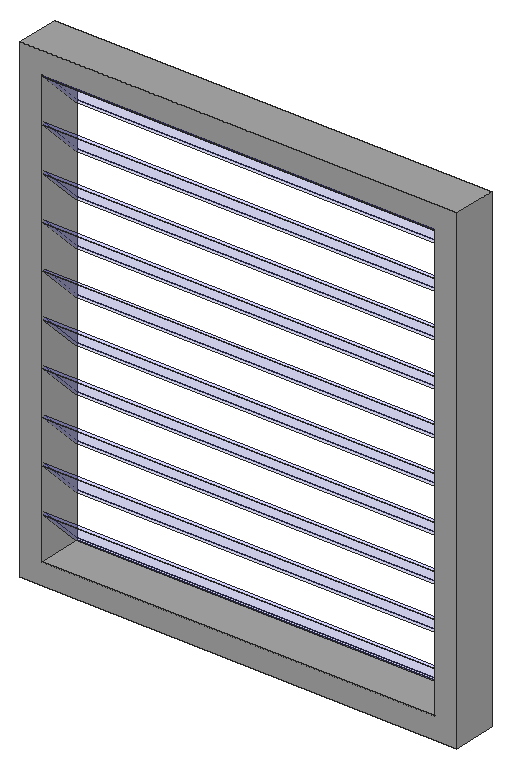
Revit family "window_lourve", category Windows, host Wall, Revit 2015
Parameters (values of type "1000w x 1100h")
  WidthGlassPanel = Width - 100 mm  # 900 mm
  NumberOfLourve = (Height - 100 mm) / 100 mm  # 10
  MY Revit Website = "http://revit.sg"
  Height = 1100 mm
  FREE Revit Family -  Revit.SG = "http://revit.sg"
  Default Sill Height = 800 mm
  Wall Closure = By host
  Width = 1000 mm
  Creator = "Gary Lim"  # constant formula
Reference planes
  plane 1 "Center (Front/Back)": y = 0
  plane 2 "Center (Left/Right)": x = 0
  plane 3 "Left": x = -500
  plane 4 "Right": x = 500
  plane 5 "Sill": z = 800
  plane 6 "Head": z = 1900
  plane 7 "Exterior": y = 100
  plane 8 "Interior": y = -100
  plane 9 "Head_Depht": z = 1850
Forms (mm)
  Sweep 1, solid, material "Aluminium"
    path origin (0, 100, 0) x (1, 0, 0) y (0, 0, 1)
      loop
        line (500, 1900) -> (-500, 1900) -> (-500, 800) -> (500, 800) -> (500, 1900)
    profile origin (0, 100, 1900) x (0, 0, -1) y (0, -1, 0)
      loop
        line (0, 0) -> (50, 0) -> (50, 100) -> (0, 100) -> (0, 0)
Lines and regions (mm)
  Opening 1
    outline origin (3500, -100, 0) x (1, 0, 0) y (0, 0, 1)
      loop
        line (-3000, 800) -> (-3000, 1900) -> (-4000, 1900) -> (-4000, 800) -> (-3000, 800)
Text (mm)
  text "EXTERIOR" at (-1963.203, 1332.353, 0), in view "Ref. Level"
  text "INTERIOR" at (-1981.466, -818.386, 0), in view "Ref. Level"
  text "Exterior" at (0, 923.751, 2943.296), in view "Right"
  text "Exterior" at (0, 1040.484, 2685.409), in view "Left"
Dimensions and locks
  equal spacing: plane 3 "Left", plane 2 "Center (Left/Right)", plane 4 "Right"
  "Width": plane 3 "Left" to plane 4 "Right"
  "Height": plane 5 "Sill" to plane 6 "Head"
  "Default Sill Height": plane 5 "Sill" to level
  locked: plane 7 "Exterior" to host wall at 0
  locked: plane 8 "Interior" to host wall
  locked: plane 9 "Head_Depht" to plane 6 "Head" at 50
  equal spacing: group 1, group 2, group 3, group 4, group 5, group 6, group 7, group 8, group 9, group 10  (x3)
  aligned and locked: Sweep 1 sketch curve to host wall  (x6)
  aligned and locked: plane 9 "Head_Depht" to Sweep 1 sketch curve
  aligned and locked: nested 1 to Sweep 1  (x2)
  aligned and locked: nested 2 to Sweep 1
  aligned and locked: Sweep 1 to nested 1
  aligned and locked: Sweep 1 to nested 2
Automatic sketch dimensions
  Opening 1 sketch curve to plane 3 "Left" = 0 mm
  Opening 1 sketch curve to plane 4 "Right" = 0 mm
  Opening 1 sketch curve to plane 5 "Sill" = 0 mm
  Opening 1 sketch curve to plane 6 "Head" = 0 mm
  plane 7 "Exterior" to Sweep 1 sketch curve = 100 mm
Nested families
  nested 1: "window_glass_panel" at (150, 55.27, 850), type "window_glass_panel"
    with WidthGalssPanel 900 mm
  nested 2: "window_glass_panel" at (150, 55.27, 950.044), type "window_glass_panel"
    with WidthGalssPanel 900 mm
  nested 3: "window_glass_panel" at (150, 55.27, 1050.087), type "window_glass_panel"
    with WidthGalssPanel 900 mm
  nested 4: "window_glass_panel" at (150, 55.27, 1150.131), type "window_glass_panel"
    with WidthGalssPanel 900 mm
  nested 5: "window_glass_panel" at (150, 55.27, 1250.174), type "window_glass_panel"
    with WidthGalssPanel 900 mm
  nested 6: "window_glass_panel" at (150, 55.27, 1350.218), type "window_glass_panel"
    with WidthGalssPanel 900 mm
  nested 7: "window_glass_panel" at (150, 55.27, 1450.261), type "window_glass_panel"
    with WidthGalssPanel 900 mm
  nested 8: "window_glass_panel" at (150, 55.27, 1550.305), type "window_glass_panel"
    with WidthGalssPanel 900 mm
  nested 9: "window_glass_panel" at (150, 55.27, 1650.348), type "window_glass_panel"
    with WidthGalssPanel 900 mm
  nested 10: "window_glass_panel" at (150, 55.27, 1750.392), type "window_glass_panel"
    with WidthGalssPanel 900 mm
Definition of nested family "window_glass_panel"
  Parameters (values of type "window_glass_panel")
    WidthGalssPanel = 600 mm
  Reference planes
    plane 1 "Center (Front/Back)": y = 0
    plane 2: z = 0
    plane 3 "Center (Left/Right)": x = 0
    plane 4: z = 100
  Forms (mm)
    Extrusion 1, solid
      sketch origin (0, 44.73, 4.243) x (1, 0, 0) y (0, -0.707107, 0.707107)
        loop
          line (-300, 0) -> (300, 0) -> (300, 135.483) -> (-300, 135.483) -> (-300, 0)
      from 0 to 6
  Dimensions and locks
    "WidthGalssPanel": Extrusion 1 to Extrusion 1
    aligned and locked: level to plane 2
  Automatic sketch dimensions
    Extrusion 1 sketch curve to plane 3 "Center (Left/Right)" = 300 mm
    plane 3 "Center (Left/Right)" to Extrusion 1 sketch curve = 300 mm
    Extrusion 1 sketch curve to Extrusion 1 sketch curve = 135.483 mm
